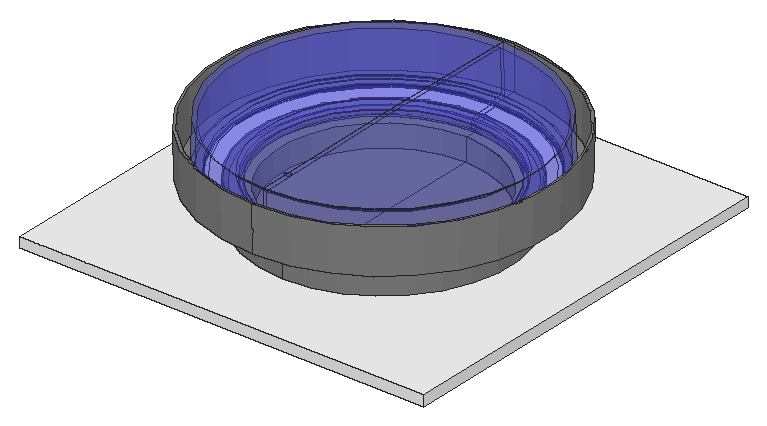
Revit family "BE_24043_de_DE", category Leuchten, Revit 2020
Family settings
  Basisbauteil = Fläche
  Bemaßung runder Anschluss = Durchmesser verwenden
  Teiletyp = Normal
  Beim Laden mit Abzugskörper schneiden = Ja
  Lichtquelle = Ja
  Gemeinsam genutzt = Nein
  Raumberechnungspunkt = Ja
Parameters (values of type "BEGA_24043_Grafit_K4")
  built-in parameter 1150104 = 14.131 (stored number, unit not read)
  Wattage = 14.2 W
  Default Elevation = 0 mm
  built-in parameter 1150113 = 1 (stored number, unit not read)
  built-in parameter 1114218 = 1 (stored number, unit not read)
  Umgebungstemperatur = "25 °C"
  URL = "https://www.bega.com/de/produkt/24043"
  Typenkommentare = "© 2022 BEGA. Wir behalten uns das Recht vor, technische Änderungen ohne vorherige Ankündigung vorzunehmen."  # constant formula
  Type Image = 24043.png
  built-in parameter 1150134 = 12
  built-in parameter 1150109 = 1 (stored number, unit not read)
  Strom = ""
  built-in parameter 1150110 = 1 (stored number, unit not read)
  Spannung = 239.996 V
  Sonderanfertigung = no
  Seriennummer [instance] = "Hier können Sie die eindeutige Seriennummer für das Facility Management eintragen."
  Schutzklasse = "I"
  Schutzart = "IP 65"
  Scheinlast = 0 VA
  Produktdatenblatt = "https://cdn.bega.com/bega/products/24043K3/current/documents/data-sheets/de"
  Oberflächentemperatur = ""
  Neigungswinkel = 0.00°
  Modell = "24043K4"
  Material_17 = BEGA_Reflektor
  Material_15 = BEGA_Leuchtmedium_matt
  Material_11 = BEGA_Glas_opal
  Material_09 = BEGA_Glas_klar
  Material_06 = BEGA_Oberfläche_Edelstahl_gebürstet
  Material_03 = BEGA_Oberfläche_Weiss_matt
  Material_02 = BEGA_Oberfläche_Silber_matt
  Material_01 [instance] = BEGA_Oberfläche_Grafit_matt
  M_W = no
  M_G = yes
  M_A = no
  Logo = 0
  built-in parameter 1114217 = 1 (stored number, unit not read)
  built-in parameter 1150139 = (empty or 0)
  built-in parameter 1150105 = 171.87 (stored number, unit not read)
  built-in parameter 1150114 = 1 (stored number, unit not read)
  Lumens = 2159.82 lm
  built-in parameter 1150115 = 1 (stored number, unit not read)
  Leuchtenlichtstrom = "1557 lm"
  Leuchtenanzahl = ""
  Lebensdauerkriterien = "L70B50 @ 25 °C = 200000 h"
  Lastklassifizierung = Beleuchtung
  built-in parameter 1150112 = 1 (stored number, unit not read)
  Lampenlichtstrom = "2625 lm"
  Lampe = "LED 13.8 W"
  LED_Modulbezeichnung = "LED-0917/840"
  Hersteller = "BEGA"  # constant formula
  Halbstreuwinkel = ""
  Gewicht = "2.85 kg"
  Gebrauchslageneinschränkung [instance] = ""
  Frequenz = "0/50-60 Hz"
  Farbwiedergabeindex = "CRI > 80"
  Farbtemperaturverschiebung bei Dämpfen der Lampe = <Keine Auswahl>
  Farbtemperatur = "4000 K"
  Color Filter = 16777215
  built-in parameter 1150133 = 10 (stored number, unit not read)
  Energieeffizienzklasse = "LED A++ - A"
  built-in parameter 1150137 = (empty or 0)
  built-in parameter 1150132 = (empty or 0)
  ENEC = "ja"
  Dimmbar [instance] = "DALI"
  Datei für fotometrisches Netz = "BE_24043K4.IES"
  CE_Konformität = "ja"
  Bestellnummer = "24043K4"
  Beschreibung_Sonderanfertigung = "Hier können Sie Informationen zur Sonderanfertigung eintragen."
  Beschreibung = "Decken- und Wandleuchte"
  built-in parameter 1150106 = 1.7187 (stored number, unit not read)
  Befestigungsbohrung = "Ø 5,5 mm"
  Befestigungsabstand = "234 mm"
  Ballwurfsicher = ""
  BEGA_Intern_aus = yes
  BEGA_Intern_an = yes
  BEGA_Intern_Konstruktion = yes
  BEGA_Intern = yes
  BEGA_IES = yes
  BEGA_Dummy = no
  Anschlussleitung = ""
  Anschlussleistung [instance] = "16.3 W"
  built-in parameter 1150107 = 4000 (stored number, unit not read)
  built-in parameter 1150102 = (empty or 0)
  built-in parameter 1150138 = (empty or 0)
  Aktualisierung = "2022-05-18T04:00:07"
  Abstand_zur_angestrahlten_Fläche [instance] = ""
  AC/DC = "AC/DC"
Types (2, lengths in mm): name | built-in parameter 1150134 | Modell | Leuchtenlichtstrom | Lampenlichtstrom | LED_Modulbezeichnung | Farbtemperatur | Datei für fotometrisches Netz | Bestellnummer | built-in parameter 1150107
  BEGA_24043_Grafit_K3 | (empty or 0) | "24043K3" | "1533 lm" | "2585 lm" | "LED-0917/830" | "3000 K" | "BE_24043K3.IES" | "24043K3" | 3000 (stored number, unit not read)
  BEGA_24043_Grafit_K4 | 12 | "24043K4" | "1557 lm" | "2625 lm" | "LED-0917/840" | "4000 K" | "BE_24043K4.IES" | "24043K4" | 4000 (stored number, unit not read)
Reference planes
  plane 1 "Mitte (Vorne/Hinten)": y = 0
  plane 2: z = 0
  plane 3 "Mitte (Links/Rechts)": x = 0
  plane 4 "Links": x = -163.096
  plane 5 "Rechts": x = 163.365
  plane 6 "Unten": y = -163
  plane 7 "Oben": y = 163
  plane 8 "Vorne": z = 91.621
  plane 9 "Hinten": z = 0
Forms (mm)
  Extrusion 1, solid, material "BEGA_Platte_Weiss"
    sketch origin (0, -1119.2, 0) x (1, 0, 0) y (0, 1, 0)
      loop
        line (-200, 1319.2) -> (-200, 919.2) -> (200, 919.2) -> (200, 1319.2) -> (-200, 1319.2)
    from 0 to -10
  Extrusion 2, solid, material "BEGA_Dummy_matt", visible <- "BEGA_Dummy"
    sketch origin (77.149, -76.023, 0) x (1, 0, 0) y (0, 1, 0)
      loop
        circle (-77.149, 76.023) r 163.009
    from 0 to 91.621
Dimensions and locks
  plane 1 "Mitte (Vorne/Hinten)" to Extrusion 1 = 200 mm
  aligned and locked: plane 2 to Extrusion 1
  aligned and locked: level to Extrusion 1
  aligned and locked: imposter light to nested 1
  aligned and locked: nested 1 to imposter light
  aligned and locked: plane 5 "Rechts" to nested 1
  aligned and locked: plane 4 "Links" to nested 1
  aligned and locked: plane 8 "Vorne" to nested 1
  aligned and locked: Extrusion 1 to plane 9 "Hinten"
  aligned and locked: plane 7 "Oben" to nested 1
  aligned and locked: plane 6 "Unten" to nested 1
Nested families
  nested 1: "BE_24043" at (0, 0, 0), type "BE_24043"
Connectors
  electrical at (0, 0, 0), driven by "Lastklassifizierung", driven by "Spannung", driven by "Scheinlast"
    settings: index 1, voltage 239.996 V, apparent load 0 VA, apparent load phase1 0 VA, apparent load phase2 0 VA, apparent load phase3 0 VA, power factor 1, load classification "Beleuchtung", number of poles 1, system type 31, power factor state 1, is connector primary yes, connector utility no, sub classification motor no, connector description ""
Definition of nested family "BE_24043"
  Parameters (values of type "BE_24043")
    Default Elevation = 1 mm
    URL = "http://www.bega.de/de/produkt"
    Type Comments = "© 2015 BEGA. Wir behalten uns das Recht vor, technische Änderungen ohne vorherige Ankündigung vorzunehmen. "  # constant formula
    Type Image = (empty or 0)
    Neigungswinkel_um_Z2 = 0.00°
    Neigungswinkel_um_Z1 = 0.00°
    Neigungswinkel_um_Y2 = 0.00°
    Neigungswinkel_um_Y1 = 0.00°
    Neigungswinkel_um_X2 = 0.00°
    Neigungswinkel_um_X1 = 0.00°
    Material_17 = none
    Material_15 = none
    Material_11 = none
    Material_09 = none
    Material_06 = none
    Material_02 = none
    Material_01 = none
    M_W = yes
    M_G = yes
    M_A = yes
    Länge_Platte = 200 mm  # constant formula
    Höhe_Platte = -10 mm  # constant formula
    Manufacturer = "BEGA"  # constant formula
    Drehwinkel_um_Z2 = 0.00°
    Drehwinkel_um_Z1 = 0.00°
    Breite_Platte = 200 mm  # constant formula
  Reference planes
    plane 1 "Mitte (Oben/Unten)": y = 0
    plane 2: z = 0
    plane 3 "Mitte (Links/Rechts)": x = 0
    plane 4 "Hinten": z = -35
    plane 5 "Links": x = -163.096
    plane 6 "Rechts": x = 163.365
    plane 7: y = -163
    plane 8: y = 163
    plane 9: z = 91.621
  Forms (mm)
    Extrusion 1, solid, detail levels medium
      sketch origin (0, 0, 0) x (1, 0, 0) y (0, 1, 0)
        loop
          line (-100, 100) -> (-100, -100) -> (100, -100) -> (100, 100) -> (-100, 100)
      from 0 to -10 <- "Höhe_Platte"
    Revolve 2, solid, material <- "Material_11"
      sketch origin (0, 0, 0) x (0, 1, 0) y (0, 0, 1)
        loop
          arc (-144.78, 86.023) -> (-72.393, 87.118) -> (0.001, 87.483) r 7176.541
          line (0.001, 87.483) -> (0.001, 91.483)
          arc (0.001, 91.483) -> (-74.343, 91.098) -> (-148.679, 89.943) r 7180.542
          line (-148.679, 89.943) -> (-149.987, 39.983) -> (-139, 39.695) -> (-139, 36.694) -> (-112.5, 36) -> (-112.5, 29) -> (-108.5, 29) -> (-108.5, 34.06)
          arc (-108.5, 34.06) -> (-110.211, 38.248) -> (-114.36, 40.05) r 6
          line (-114.36, 40.05) -> (-135.367, 40.6)
          arc (-135.367, 40.6) -> (-137.153, 42.831) -> (-139.869, 43.719) r 5
          line (-139.869, 43.719) -> (-145.884, 43.877) -> (-144.78, 86.023)
        axis (0.001, 91.483) -> (0.001, 29)
      angle from 0 to 360
    Revolve 3, solid, material <- "Material_01"
      sketch origin (0, 0, 0) x (0, 1, 0) y (0, 0, 1)
        loop
          line (162.234, 38.303) -> (163.009, 82.685) -> (161.009, 82.72) -> (160.268, 40.252) -> (140, 39.721) -> (140, 37.72) -> (162.234, 38.303)
        axis (0, 37.72) -> (0, 82.72)
      angle from 0 to 360
    Extrusion 4, void
      sketch origin (0, 0, 0) x (1, 0, 0) y (0, 1, 0)
        loop
          circle (12.653, -63.539) r 5
      from -7.316 to 6.738
    Extrusion 5, void
      sketch origin (0, 0, 0) x (-1, 0, 0) y (0, -1, 0)
        loop
          circle (12.653, 63.539) r 5
      from -7.316 to 6.738
    Revolve 6, solid, material <- "Material_01"
      sketch origin (0, 0, 0) x (0, 1, 0) y (0, 0, 1)
        loop
          line (-124.88, 0) -> (-122.884, 0) -> (-122.613, 15.5) -> (-104.135, 15.5) -> (-103.594, 0) -> (0, 0) -> (0, 4) -> (-101.232, 4) -> (-102, 26) -> (-112.5, 26) -> (-112.5, 32) -> (-120.93, 32) -> (-124.26, 35.329)
          arc (-124.26, 35.329) -> (-125.05, 35.483) -> (-125.488, 34.808) r 0.72
          line (-125.488, 34.808) -> (-124.88, 0)
        axis (0, 0) -> (0, 35.329)
      angle from 0 to 360
    Extrusion 7, void
      sketch origin (0, 0, 0) x (1, 0, 0) y (0, 1, 0)
        loop
          circle (95, 0) r 2.997
        loop
          circle (-95, 0) r 2.997
      from 0 to 6.738
  Cuts and joins
    Extrusion 4, Extrusion 7 cuts Revolve 2
    Extrusion 4, Extrusion 5, Extrusion 7 cuts Revolve 6
  Dimensions and locks
    equal spacing: Extrusion 1 sketch curve, plane 3 "Mitte (Links/Rechts)", Extrusion 1 sketch curve
    equal spacing: Extrusion 1 sketch curve, plane 1 "Mitte (Oben/Unten)", Extrusion 1 sketch curve
    "Länge_Platte": Extrusion 1 sketch curve to Extrusion 1 sketch curve
    "Breite_Platte": Extrusion 1 sketch curve to Extrusion 1 sketch curve
    aligned and locked: plane 2 to Extrusion 1
    aligned and locked: level to Extrusion 1
  Automatic sketch dimensions
    plane 3 "Mitte (Links/Rechts)" to Extrusion 4 sketch curve = 12.653 mm
    plane 1 "Mitte (Oben/Unten)" to Extrusion 4 sketch curve = 63.539 mm
    plane 3 "Mitte (Links/Rechts)" to Extrusion 5 sketch curve = 12.653 mm
    Extrusion 5 sketch curve to plane 1 "Mitte (Oben/Unten)" = 63.539 mm
    Revolve 3 sketch curve to plane 1 "Mitte (Oben/Unten)" = 0 mm
    plane 8 to Revolve 3 sketch curve = 23 mm
    plane 8 to Revolve 3 sketch curve = 2.732 mm
    plane 8 to Revolve 3 sketch curve = 1.991 mm
    plane 8 to Revolve 3 sketch curve = 0.766 mm
    Revolve 3 sketch curve to plane 8 = 0.009 mm
    level to Revolve 3 sketch curve = 37.72 mm
    Revolve 3 sketch curve to Revolve 3 sketch curve = 0.582 mm
    Revolve 3 sketch curve to Revolve 3 sketch curve = 2.001 mm
    Revolve 3 sketch curve to Revolve 3 sketch curve = 1.949 mm
    Revolve 3 sketch curve to Revolve 3 sketch curve = 0.035 mm
    level to Revolve 3 sketch curve = 20.265 mm
    level to Revolve 3 sketch curve = 7.05 mm
    Revolve 2 sketch curve to plane 7 = 13.013 mm
    Revolve 2 sketch curve to plane 7 = 14.321 mm
    Revolve 2 sketch curve to Revolve 2 sketch curve = 3.899 mm
    Revolve 2 sketch curve to Revolve 2 sketch curve = 4 mm
    plane 1 "Mitte (Oben/Unten)" to Revolve 2 sketch curve = 0 mm
    Revolve 2 sketch curve to plane 1 "Mitte (Oben/Unten)" = 0 mm
    Revolve 2 sketch curve to Revolve 2 sketch curve = 42.146 mm
    Revolve 2 sketch curve to Revolve 2 sketch curve = 3.894 mm
    Revolve 2 sketch curve to Revolve 2 sketch curve = 0.001 mm
    Revolve 2 sketch curve to plane 1 "Mitte (Oben/Unten)" = 0.001 mm
    Revolve 2 sketch curve to Revolve 2 sketch curve = 7.183 mm
    Revolve 2 sketch curve to Revolve 2 sketch curve = 26.5 mm
    Revolve 2 sketch curve to Revolve 2 sketch curve = 4.103 mm
    Revolve 2 sketch curve to Revolve 2 sketch curve = 6.884 mm
    Revolve 2 sketch curve to Revolve 2 sketch curve = 3.001 mm
    Revolve 2 sketch curve to Revolve 2 sketch curve = 1 mm
    Revolve 2 sketch curve to Revolve 2 sketch curve = 3.633 mm
    Revolve 2 sketch curve to Revolve 2 sketch curve = 0.974 mm
    Revolve 2 sketch curve to Revolve 2 sketch curve = 0.905 mm
    Revolve 2 sketch curve to Revolve 2 sketch curve = 0.869 mm
    Revolve 2 sketch curve to Revolve 2 sketch curve = 0 mm  (x4)
    Revolve 2 sketch curve to Revolve 2 sketch curve = 1.86 mm
    Revolve 2 sketch curve to Revolve 2 sketch curve = 2 mm  (x2)
    Revolve 2 sketch curve to Revolve 2 sketch curve = 1.948 mm
    level to Revolve 2 sketch curve = 29 mm
    Revolve 2 sketch curve to Revolve 2 sketch curve = 5.052 mm
    Revolve 2 sketch curve to Revolve 2 sketch curve = 1.94 mm
    Revolve 6 sketch curve to level = 0 mm  (x3)
    Revolve 6 sketch curve to plane 1 "Mitte (Oben/Unten)" = 0 mm  (x2)
    level to Revolve 6 sketch curve = 4 mm
    Revolve 6 sketch curve to plane 7 = 61.768 mm
    Revolve 6 sketch curve to Revolve 6 sketch curve = 0.768 mm
    Revolve 6 sketch curve to Revolve 6 sketch curve = 2.362 mm
    Revolve 6 sketch curve to Revolve 6 sketch curve = 2.135 mm
    Revolve 6 sketch curve to Revolve 6 sketch curve = 10.5 mm  (x2)
    Revolve 6 sketch curve to Revolve 6 sketch curve = 8.43 mm
    level to Revolve 6 sketch curve = 15.5 mm
    Revolve 6 sketch curve to Revolve 6 sketch curve = 10.113 mm
    Revolve 6 sketch curve to Revolve 6 sketch curve = 0.271 mm
    Revolve 6 sketch curve to Revolve 6 sketch curve = 3.329 mm
    Revolve 6 sketch curve to Revolve 6 sketch curve = 0.509 mm
    Revolve 6 sketch curve to Revolve 6 sketch curve = 1.996 mm
    Revolve 6 sketch curve to Revolve 6 sketch curve = 0.719 mm
    Revolve 6 sketch curve to Revolve 6 sketch curve = 6 mm
    Revolve 6 sketch curve to Revolve 6 sketch curve = 2.808 mm
    Revolve 6 sketch curve to Revolve 6 sketch curve = 0.013 mm
    Revolve 6 sketch curve to Revolve 6 sketch curve = 0 mm
    Revolve 2 sketch curve to plane 4 "Hinten" = 7054.058 mm
    Revolve 2 sketch curve to Revolve 2 sketch curve = 2.642 mm
    Revolve 2 sketch curve to Revolve 2 sketch curve = 3.921 mm
    Revolve 2 sketch curve to Revolve 2 sketch curve = 0.486 mm
    Revolve 3 sketch curve to Revolve 3 sketch curve = 42.434 mm
    radius of Extrusion 4 sketch curve = 5 mm
    radius of Extrusion 5 sketch curve = 5 mm
